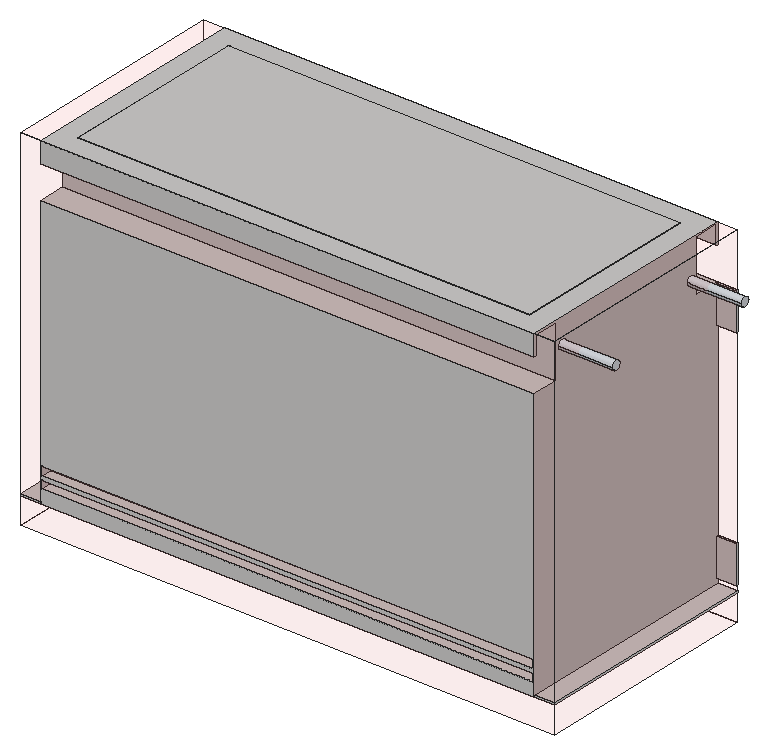
Revit family "Air-Curtain_Industrial_PoweredAire_HotWater", category Mechanical Equipment, host Face, Revit 2019
Family settings
  Host = Face
  Round Connector Dimension = Use Diameter
  Part Type = Normal
  OmniClass Number = 23.75.35.17.21
  OmniClass Title = Air Curtains
  Cut with Voids When Loaded = No
  Shared = No
  Room Calculation Point = No
Parameters
  upperrotation [instance] = if(Upper Pipe Connection Side A, 0.00°, 180.00°)  # 0.00°
  topbracket [instance] = and(Unit Height = 1' 4 3/4", Unit Depth = 1' 11 3/4")  # yes
  lowerrotation [instance] = if(Lower Pipe Connection Side A, 0.00°, 180.00°)  # 0.00°
  locateupperpipe [instance] = if(Upper Pipe Connection Side A, 0' 0", Nozzle Width)  # 0' - 0"
  locatelowerpipe [instance] = if(Lower Pipe Connection Side A, 0' 0", Nozzle Width)  # 0' - 0"
  Warranty Duration (Years) = 0
  Upper Pipe Connection Side A [instance] = yes
  Unit Width Notes = "Other Widths available."  # constant formula
  Unit Width = 3' - 3"
  Unit Weight = 0
  Unit Height = 1' - 4 3/4"
  Unit Depth = 1' - 11 3/4"
  URL = "http://www.poweredaire.com/"
  Test Data = ""
  Standards Conformance = "as Specified"
  Specification = "http://www.arcat.com/sdspecs/htm04/23_34_33pai.htm"
  SpecWizard = ""
  Sound Pressure = "as Specified"
  Sales Information = "http://www.poweredaire.com/contact_us"
  Revision = "R1_2016-08"
  Projection from Host [instance] = 0' - 2"
  Product Properties = ""
  Product Data = "http://www.arcat.com/arcatcos/cos47/arc47623.html"
  Power Rating = 0 W
  Piping_Water Flow [instance] = 0 GPM
  Piping_Operating Pressure [instance] = 0.00 psi
  Piping_Exit Temperature [instance] = 0 °F
  Piping_Entry Temperature [instance] = 0 °F
  Pipe OD [instance] = 5/8"
  Nozzle Width = if(1 = 1, Unit Width - 0' 3", 0' 0")  # 3' - 0"
  Mounting Width = if(1 = 1, Unit Width - 0' 1 1/2", 0' 0")  # 3' - 1 1/2"
  Mounting Height [instance] = 3' - 6"
  Motor RPM = 0
  Motor HP = 0
  Motor Count = 0
  Model = "As Specified"
  Max Height = 0' - 0"
  Manufacturer Website = "http://www.poweredaire.com/"
  Manufacturer Phone - Toll Free = "888-321-2473"
  Manufacturer Phone = "724-588-3305"
  Manufacturer Fax = "724-588-3371"
  Manufacturer Address = "109 Mortensen Rd.  Greenville, PA 16125"
  Manufacturer = "Powered Aire, Inc"
  Maintenance Schedule (Months) = 0
  Lower Pipe Connection Side A [instance] = yes
  Keynote = "23 34 33"
  Installation-Fabrication = ""
  Installation Phase = ""
  Include Clearance [instance] = yes
  Heating Element Load = 0 W
  HVAC_Temperature Rise = 0 °F
  HVAC_Outlet Volume = 0 CFM
  HVAC_Outlet Velocity Uniformity = 0
  HVAC_Outlet Velocity = 0 FPM
  HVAC_BTU Input = 0.0 Btu/h
  Green Building-LEED = "http://www.arcat.com/green/clients/leed_data_47623.html"
  Front Grating Material [instance] = Metal - Steel - PoweredAire - Stainless 304 Perforated
  Frame Finish [instance] = Metal - Steel - PoweredAire - Stainless 304
  Expected Lifespan (Years) = 0
  Electrical_Wattage [instance] = Power Rating + Heating Element Load  # 0 W
  Electrical_Voltage [instance] = 0 V
  Electrical_Phase [instance] = 1
  Electrical_Frequency [instance] = 0 Hz
  Electrical_Amperage [instance] = 0 A
  Drawn By = "Sumex Design, Inc. / Robert S. Weygant, CSI, CDT, SCIP"
  Description = "Powered Aire Air Curtain as Specified"
  Default Elevation = 0' - 0"  # constant formula
  Copyright = "©Arcat Inc."
  Construction Details = "http://www.arcat.com/details/powair/prod3336.html"
  Clearance_Top [instance] = 0' - 0"
  Clearance_Side B [instance] = 0' - 0"
  Clearance_Side A [instance] = 0' - 0"
  Clearance_Intake [instance] = 0' - 0"
  Clearance_Bottom [instance] = 0' - 0"
  Clearance Material [instance] = ARCAT Clearance
  Building Codes = ""
  Available Options [instance] = "as Specified"
  Assembly Code = "D3090400"
Reference planes (in)
  plane 1 "Center (Elevation)": y = 0.13818
  plane 2: z = 0
  plane 3 "Center (Left/Right)": x = 0
  plane 4: y = 8.51318
  plane 5: y = -8.23682
  plane 6: x = -19.5
  plane 7: x = 19.5
  plane 8: z = 25.75
  plane 9 "FF": y = -41.86182
  plane 10: z = 2
  plane 11: x = 18
  plane 12: x = -18
  plane 13: y = 8.51318
  plane 14: y = -8.23682
  plane 15: x = -19.5
  plane 16: x = 19.5
  plane 17: z = 25.75
  plane 18: x = 17.9375
  plane 19: x = -17.9375
  plane 20: x = 18
  plane 21: x = 18
  plane 22: y = 6.01318
  plane 23: y = -5.73682
Forms (in)
  Extrusion 1, solid, material "Metal - Steel - PoweredAire - Stainless 304" <- "Frame Finish"
    sketch origin (0, 0, 0) x (0, 1, 0) y (0, 0, 1)
      loop
        line (-8.23682, 2) -> (8.51318, 2) -> (8.51318, 21.8125) -> (6.51318, 21.8125) -> (6.51318, 25.625) -> (8.38818, 25.625) -> (8.38818, 24.25) -> (8.51318, 24.25) -> (8.51318, 25.75) -> (-8.23682, 25.75) -> (-8.23682, 24.25) -> (-8.11182, 24.25) -> (-8.11182, 25.625) -> (-6.23682, 25.625) -> (-6.23682, 21.8125) -> (-8.23682, 21.8125) -> (-8.23682, 2)
    from -18 to 18
  Extrusion 2, solid, material "ARCAT Clearance" <- "Clearance Material", visible <- "Include Clearance"
    sketch origin (0, 0, 0) x (0, 1, 0) y (0, 0, 1)
      loop
        line (-8.23682, 25.75) -> (-8.23682, 0) -> (8.51318, 0) -> (8.51318, 25.75) -> (-8.23682, 25.75)
    from -19.5 to 19.5
  Extrusion 3, solid, material "Metal - Steel - PoweredAire - Stainless 304" <- "Frame Finish"
    sketch origin (-15.17702, -180, 2) x (-1, 0, 0) y (0, -1, 0)
      loop
        line (-33.17702, -188.51318) -> (-33.17702, -171.76318) -> (-34.67702, -171.76318) -> (-34.67702, -188.51318) -> (-33.17702, -188.51318)
      loop
        line (2.82298, -188.51318) -> (4.32298, -188.51318) -> (4.32298, -171.76318) -> (2.82298, -171.76318) -> (2.82298, -188.51318)
    from 0 to 0.125
  Extrusion 4, solid, material "Metal - Steel - PoweredAire - Stainless 304" <- "Frame Finish", visible <- "topbracket"
    sketch origin (-11.83813, 8.51318, 48) x (-1, 0, 0) y (0, 0, 1)
      loop
        line (-29.83813, -45.5) -> (-29.83813, -42.75) -> (-31.33813, -42.75) -> (-31.33813, -45.5) -> (-29.83813, -45.5)
      loop
        line (-29.83813, -28.9375) -> (-29.83813, -26.1875) -> (-31.33813, -26.1875) -> (-31.33813, -28.9375) -> (-29.83813, -28.9375)
      loop
        line (6.16187, -45.5) -> (7.66187, -45.5) -> (7.66187, -42.75) -> (6.16187, -42.75) -> (6.16187, -45.5)
      loop
        line (6.16187, -28.9375) -> (7.66187, -28.9375) -> (7.66187, -26.1875) -> (6.16187, -26.1875) -> (6.16187, -28.9375)
    from 0 to -0.125
  Extrusion 5, void
    sketch origin (0, 0, 0) x (0, 1, 0) y (0, 0, 1)
      loop
        line (-8.23682, 3) -> (-7.23682, 3) -> (-7.23682, 4.5) -> (-8.23682, 4.5) -> (-8.23682, 3.82425) -> (-7.38364, 3.82425) -> (-7.38364, 3.57425) -> (-8.23682, 3.57425) -> (-8.23682, 3)
    from -17.9375 to 17.9375
  Extrusion 6, solid, material "Metal - Steel - PoweredAire - Stainless 304 Perforated" <- "Front Grating Material"
    sketch origin (0, -8.23682, 25.75) x (0, 1, 0) y (-1, 0, 0)
      loop
        line (15.25, 16.5) -> (1.5, 16.5) -> (1.5, -16.5) -> (15.25, -16.5) -> (15.25, 16.5)
    from 0 to 0.03125
  Sweep 7, solid
    path origin (18, 6.01318, 0) x (1, 0, 0) y (0, 1, 0)
      loop
        line (0, 0) -> (4, 0)
    profile origin (20, 6.01318, 0) x (0, 1, 0) y (0, 0, 1)
      loop
        circle (0, 23) r 0.3125
  Sweep 8, solid
    path origin (18, -5.73682, 0) x (1, 0, 0) y (0, 1, 0)
      loop
        line (0, 0) -> (4, 0)
    profile origin (20, -5.73682, 0) x (0, 1, 0) y (0, 0, 1)
      loop
        circle (0, 24) r 0.3125
Cuts and joins
  Extrusion 5 cuts Extrusion 1
Lines and regions (in)
  reference lines
    curve 1: line (18, 6.01318, 0) -> (22.75, 6.01318, 0)
    curve 2: line (18, -5.73682, 0) -> (23.75, -5.73682, 0)
Dimensions and locks (in)
  equal spacing: plane 4, plane 1 "Center (Elevation)", plane 5
  "Unit Height": plane 4 to plane 5
  equal spacing: plane 6, plane 3 "Center (Left/Right)", plane 7
  "Unit Width": plane 6 to plane 7
  "Mounting Height": plane 1 "Center (Elevation)" to plane 9 "FF"
  "Projection from Host": plane 10 to level
  "Unit Depth": plane 8 to plane 10
  locked: plane 6 to plane 12 at 1.5
  locked: plane 11 to plane 7 at 1.5
  "Clearance_Side A": plane 7 to plane 16
  "Clearance_Side B": plane 15 to plane 6
  "Clearance_Top": plane 13 to plane 4
  "Clearance_Bottom": plane 5 to plane 14
  "Clearance_Intake": plane 17 to plane 8
  plane 5 to Extrusion 1 sketch curve to Extrusion 1 sketch curve = 0' - 0 1/8" locked, 0' - 1 7/8" locked
  Extrusion 1 sketch curve to Extrusion 1 sketch curve to plane 4 = 0' - 1 7/8" locked, 0' - 0 1/8" locked
  Extrusion 4 sketch curve to Extrusion 4 sketch curve to Extrusion 4 sketch curve to Extrusion 4 sketch curve to plane 10 = 0' - 2 3/4" locked, 1' - 1 13/16" locked, 0' - 2 3/4" locked, 0' - 0 1/2" locked
  Extrusion 4 sketch curve to Extrusion 4 sketch curve to Extrusion 4 sketch curve to Extrusion 4 sketch curve = 0' - 2 3/4" locked, 1' - 1 13/16" locked, 0' - 2 3/4" locked
  locked: Extrusion 4 sketch curve to plane 10 at 0.5
  plane 8 to Extrusion 1 sketch curve to Extrusion 1 sketch curve = 0' - 0 1/8" locked, 0' - 1 3/8" locked  (x2)
  locked: Extrusion 1 sketch curve to plane 10 at 19.8125  (x2)
  Extrusion 5 sketch curve to Extrusion 5 sketch curve to Extrusion 5 sketch curve to Extrusion 5 sketch curve to plane 10 = 0' - 0.67575" locked, 0' - 0 1/4" locked, 0' - 0.57425" locked, 0' - 1" locked
  plane 5 to Extrusion 5 sketch curve to Extrusion 5 sketch curve = 0' - 0.85319" locked, 0' - 0.14681" locked
  locked: plane 19 to plane 12 at 0.0625
  locked: plane 11 to plane 18 at 0.0625
  locked: plane 4 to Extrusion 6 sketch curve at 1.5
  locked: Extrusion 6 sketch curve to plane 5 at 1.5
  locked: Extrusion 6 sketch curve to plane 11 at 1.5
  locked: plane 12 to Extrusion 6 sketch curve at 1.5
  "locateupperpipe": plane 20 to plane 11
  "locatelowerpipe": plane 21 to plane 11
  locked: plane 4 to plane 22 at 2.5
  locked: plane 23 to plane 5 at 2.5
  locked: curve 1 to Sweep 7 sketch curve at 4
  locked: curve 1 to Sweep 7 sketch curve
  locked: Sweep 7 sketch curve to plane 10 at 21
  locked: curve 2 to Sweep 8 sketch curve at 4
  locked: curve 2 to Sweep 8 sketch curve
  locked: Sweep 8 sketch curve to plane 10 at 22
  "upperrotation": angle plane 22 to curve 1
  "lowerrotation": angle plane 23 to curve 2
  aligned and locked: plane 2 to host face
  aligned and locked: level to host face
  aligned and locked: Extrusion 2 sketch curve to plane 17
  aligned and locked: plane 14 to Extrusion 2 sketch curve
  aligned and locked: level to Extrusion 2 sketch curve
  aligned and locked: Extrusion 2 sketch curve to plane 13
  aligned and locked: plane 16 to Extrusion 2
  aligned and locked: Extrusion 2 to plane 15
  aligned and locked: plane 11 to Extrusion 1
  aligned and locked: Extrusion 1 to plane 12
  aligned and locked: plane 21 to curve 2
  aligned and locked: plane 23 to curve 2
  aligned and locked: plane 22 to curve 1
  aligned and locked: plane 20 to curve 1
Automatic sketch dimensions
  host sketch curve to host sketch curve = 8' - 0"  (x2)
  Extrusion 1 sketch curve to plane 5 = 0' - 0"  (x2)
  Extrusion 1 sketch curve to plane 4 = 0' - 0"  (x2)
  Extrusion 1 sketch curve to plane 10 = 0' - 0"
  Extrusion 1 sketch curve to plane 8 = 0' - 0"
  plane 4 to Extrusion 3 sketch curve = 0' - 0"
  Extrusion 3 sketch curve to plane 7 = 0' - 0"
  plane 5 to Extrusion 3 sketch curve = 0' - 0"
  Extrusion 3 sketch curve to plane 11 = 0' - 0"
  Extrusion 3 sketch curve to plane 4 = 0' - 0"
  Extrusion 3 sketch curve to plane 12 = 0' - 0"
  Extrusion 3 sketch curve to plane 6 = 0' - 0"
  Extrusion 3 sketch curve to plane 5 = 0' - 0"
  Extrusion 4 sketch curve to plane 7 = 0' - 0"  (x2)
  Extrusion 4 sketch curve to plane 11 = 0' - 0"  (x2)
  Extrusion 4 sketch curve to plane 12 = 0' - 0"  (x2)
  Extrusion 4 sketch curve to plane 6 = 0' - 0"  (x2)
  Extrusion 5 sketch curve to plane 5 = 0' - 0"  (x2)
  Sweep 7 sketch curve to profile plane = 0' - 0"
  Sweep 8 sketch curve to profile plane = 0' - 0"
  radius of Sweep 7 sketch curve = 0' - 0 5/16"
  radius of Sweep 8 sketch curve = 0' - 0 5/16"
Connectors (in)
  piping at (22, 6.01318, 23), diameter 0.625, driven by "Pipe OD", driven by "Piping_Water Flow"
    settings: on Sweep 7, index 1, connector inside diameter 24", connector length 0' - 0", flow factor 0, pipe flow 0 GPM, pressure drop 0.00 psi, fitting loss kfactor 0, connector angle 0.00°, fixture units 0, engagement length 0' - 0", angle of deflection 0.00°, flow configuration 0, flow direction 0, fitting loss method 0, system type 29, joint type 0, gender type 0, connector reference index -1, connector utility 0, adjustable connector no, is connector primary yes, connector description "Define Supply or Return and Location"
  piping at (22, -5.73682, 24), diameter 0.625, driven by "Pipe OD", driven by "Piping_Water Flow"
    settings: on Sweep 8, index 2, connector inside diameter 24", connector length 0' - 0", flow factor 0, pipe flow 0 GPM, pressure drop 0.00 psi, fitting loss kfactor 0, connector angle 0.00°, fixture units 0, engagement length 0' - 0", angle of deflection 0.00°, flow configuration 0, flow direction 0, fitting loss method 0, system type 29, joint type 0, gender type 0, connector reference index -1, connector utility 0, adjustable connector no, is connector primary no, connector description "Define Supply or Return and Location"
  electrical at (-18, 0.13818, 21.39062), driven by "Electrical_Voltage", driven by "Electrical_Phase"
    settings: on cut or joined group of Extrusion 1, Extrusion 5, index 3, voltage 0 V, apparent load 0 VA, apparent load phase1 0 VA, apparent load phase2 0 VA, apparent load phase3 0 VA, power factor 1, load classification "Motor", number of poles 1, system type 31, power factor state 1, is connector primary yes, connector utility no, sub classification motor no, connector description ""
